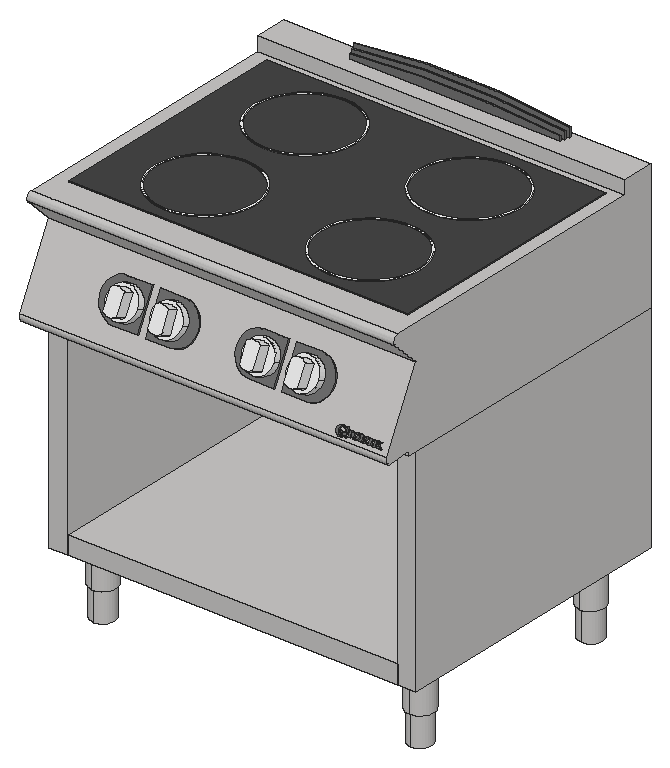
Revit family "QF_GIORIK_CI740G", category Specialty Equipment, Revit 2014
Parameters (values of type "CI740G")
  Weight in Pounds = 220.462
  Watts = 14000 W
  Volts = 400 V
  URL Cutsheet = "www.giorik.com"
  URL = "www.giorik.com"
  Status [instance] = ""
  Specification by User [instance] = ""
  Specification by Manufacturer = ""
  Show Logo [instance] = yes
  Show Clearance [instance] = yes
  Serial Number = ""
  Seismic Rating = ""
  SMACNA No = ""
  Revision Code [instance] = ""
  Phase = 3
  Number of Poles [instance] = 3
  NAFEM Spec ID Number = ""
  Model = "CI740G"
  Min Ckt Ampacity = 0 A
  Max Overcurrent Protection = 0 A
  Masterspec = ""
  Manufacturer = "GIORIK"
  Item Number [instance] = ""
  Installed By [instance] = ""
  Identify Quantity as Lot [instance] = no
  HP = "18.774280000000"
  Furnished By [instance] = ""
  Foodservice Equipment Identifier [instance] = yes
  FL Amps = 0 A
  Electrical Remarks [instance] = ""
  Electric Connection Type [instance] = ""
  Elec Conn RI Height [instance] = 0 mm
  Elec Conn Connection Height [instance] = 150 mm
  Description = "4 ZONE INDUCTION HOB ON OPEN BASE UNIT"
  Cycle = 50 Hz
  Conn Plug = ""
  CSI MasterFormat = ""
  Assembly Code = "E1090320"
  Apparent Power = 14000 VA
Reference planes
  plane 1 "Back": y = 0
  plane 2: z = 0
  plane 3 "Left": x = 0
  plane 4 "Right": x = 800
  plane 5 "Front": y = -720
  plane 6 "Top": z = 900
Forms (mm)
  Extrusion 1, solid, visible <- "Show Logo"
    sketch origin (591.604, -736.761, 609.486) x (-1, 0, 0) y (0, 0.452718, 0.891654)
      loop
        line (-118.824, 58.358) -> (-127.804, 58.358) -> (-125.523, 56.445) -> (-125.523, 48.027) -> (-127.804, 46.113) -> (-118.824, 46.113) -> (-121.105, 48.027) -> (-121.105, 56.445) -> (-118.824, 58.358)
      loop
        line (-163.721, 58.358) -> (-172.7, 58.358) -> (-170.42, 56.445) -> (-170.42, 48.027) -> (-172.7, 46.113) -> (-163.721, 46.113) -> (-166.001, 48.027) -> (-166.001, 56.445) -> (-163.721, 58.358)
      loop
        line (-174.332, 58.358) -> (-183.312, 58.358) -> (-181.031, 56.445) -> (-181.031, 52.435) -> (-186.419, 56.955) -> (-184.416, 58.358) -> (-191.268, 58.358) -> (-188.01, 56.839) -> (-185.455, 54.283) -> (-190.846, 47.858) -> (-193.396, 46.93) -> (-193.396, 46.113) -> (-184.416, 46.113) -> (-185.437, 47.571) -> (-182.443, 51.552) -> (-181.031, 50.894) -> (-181.031, 48.027) -> (-183.312, 46.113) -> (-174.332, 46.113) -> (-176.613, 48.027) -> (-176.613, 56.445) -> (-174.332, 58.358)
      loop
        line (-115.429, 62.063) -> (-115.429, 54.198)
        arc (-115.429, 54.198) -> (-111.618, 57.803) -> (-106.847, 59.986) r 16.039
        arc (-106.847, 59.986) -> (-103.314, 59.837) -> (-100.512, 57.68) r 5.851
        arc (-100.512, 57.68) -> (-98.815, 52.267) -> (-100.512, 46.853) r 9.479
        arc (-100.512, 46.853) -> (-102.406, 44.986) -> (-104.846, 43.93) r 7.236
        arc (-104.846, 43.93) -> (-107.728, 44.111) -> (-110.052, 45.825) r 5.11
        line (-110.052, 45.825) -> (-110.052, 52.001) -> (-116.141, 52.001) -> (-116.141, 45.503) -> (-117.893, 43.751) -> (-114.094, 44.769)
        arc (-114.094, 44.769) -> (-112.56, 44.947) -> (-111.129, 44.366) r 3.115
        arc (-111.129, 44.366) -> (-104.216, 42.091) -> (-97.303, 44.366) r 11.641
        arc (-97.303, 44.366) -> (-93.396, 52.107) -> (-97.303, 59.849) r 9.622
        arc (-97.303, 59.849) -> (-104.369, 62.174) -> (-111.435, 59.849) r 11.898
        line (-111.435, 59.849) -> (-115.429, 62.063)
      loop
        arc (-129.234, 56.068) -> (-135.893, 58.628) -> (-142.552, 56.068) r 9.941
        arc (-142.552, 56.068) -> (-144.234, 52.286) -> (-142.552, 48.505) r 5.093
        arc (-142.552, 48.505) -> (-135.893, 45.945) -> (-129.234, 48.505) r 9.941
        arc (-129.234, 48.505) -> (-127.552, 52.286) -> (-129.234, 56.068) r 5.093
      loop
        arc (-132.628, 54.403) -> (-135.893, 57.668) -> (-139.158, 54.403) r 3.265
        line (-139.158, 54.403) -> (-139.158, 50.169)
        arc (-139.158, 50.169) -> (-135.893, 46.904) -> (-132.628, 50.169) r 3.265
        line (-132.628, 50.169) -> (-132.628, 54.403)
      loop
        arc (-156.363, 58.365) -> (-159.647, 55.081) -> (-156.363, 51.796) r 3.285
        line (-156.363, 51.796) -> (-159.529, 47.306) -> (-162.087, 46.113) -> (-155.847, 46.113) -> (-153.529, 51.083) -> (-150.637, 51.083) -> (-150.637, 47.784) -> (-153.022, 46.113) -> (-144.011, 46.113) -> (-146.094, 47.68) -> (-146.094, 56.493) -> (-144.229, 58.365) -> (-156.363, 58.365)
      loop
        line (-150.637, 57.512) -> (-153.637, 57.512)
        arc (-153.637, 57.512) -> (-156.237, 54.912) -> (-153.637, 52.312) r 2.6
        line (-153.637, 52.312) -> (-150.637, 52.312) -> (-150.637, 57.512)
      loop
        line (-108.924, 52.001) -> (-104.936, 49.005) -> (-100.948, 52.001) -> (-108.924, 52.001)
    from 1.5 to -0.5
  Extrusion 2, solid
    sketch origin (-16, 1025.81, 0) x (1, 0, 0) y (0, 1, 0)
      loop
        line (25, -1086.81) -> (25, -1156.81) -> (115, -1156.81) -> (115, -1086.81) -> (25, -1086.81)
    from 148 to 150
  Extrusion 3, solid
    sketch origin (-4, 0, 130) x (1, 0, 0) y (0, 1, 0)
      loop
        circle (54, -385) r 12.5
    from 0 to 20
  Extrusion 4, solid
    sketch origin (0, 1000, -20) x (0, 1, 0) y (0, 0, 1)
      loop
        line (-1000, 919.988) -> (-1070, 919.988) -> (-1070, 889.988) -> (-1688.806, 889.988)
        arc (-1688.806, 889.988) -> (-1699.151, 883.075) -> (-1696.724, 870.873) r 11.197
        line (-1696.724, 870.873) -> (-1640.876, 815.025) -> (-1718.948, 661.258)
        arc (-1718.948, 661.258) -> (-1718.233, 650.105) -> (-1708.118, 645.354) r 10.981
        line (-1708.118, 645.354) -> (-1660, 649.925) -> (-1660, 640) -> (-1000, 640) -> (-1000, 919.988)
    from 0 to 800
  Extrusion 5, solid
    sketch origin (0, 0, 599.536) x (1, 0, 0) y (0, 1, 0)
      loop
        line (0, -640) -> (40, -640) -> (40, -40) -> (760, -40) -> (760, -640) -> (800, -640) -> (800, 0) -> (0, 0) -> (0, -640)
    from -449.536 to 20.464
  Extrusion 6, solid
    sketch origin (0, 0, 0) x (1, 0, 0) y (0, 1, 0)
      loop
        line (40, -40) -> (40, -640) -> (760, -640) -> (760, -40) -> (40, -40)
    from 150 to 190
  Extrusion 7, solid
    sketch origin (-16, 560.81, 0) x (1, 0, 0) y (0, 1, 0)
      loop
        line (25, -1086.81) -> (25, -1156.81) -> (115, -1156.81) -> (115, -1086.81) -> (25, -1086.81)
    from 148 to 150
  Revolve 8, solid
    sketch origin (54, 560.81, 0) x (0, 1, 0) y (0, 0, 1)
      loop
        line (-1092.56, 66) -> (-1092.56, 148) -> (-1121.81, 148) -> (-1121.81, 0) -> (-1096.81, 0) -> (-1096.81, 66) -> (-1092.56, 66)
      axis (-1121.81, 0) -> (-1121.81, 148)
    angle from 0 to 360
  Revolve 9, solid
    sketch origin (54, 1025.81, 0) x (0, 1, 0) y (0, 0, 1)
      loop
        line (-1092.56, 66) -> (-1092.56, 148) -> (-1121.81, 148) -> (-1121.81, 0) -> (-1096.81, 0) -> (-1096.81, 66) -> (-1092.56, 66)
      axis (-1121.81, 0) -> (-1121.81, 148)
    angle from 0 to 360
  Extrusion 10, solid
    sketch origin (816, 560.81, 0) x (-1, 0, 0) y (0, -1, 0)
      loop
        line (25, 1086.81) -> (115, 1086.81) -> (115, 1156.81) -> (25, 1156.81) -> (25, 1086.81)
    from 148 to 150
  Revolve 11, solid
    sketch origin (746, 560.81, 0) x (0, 1, 0) y (0, 0, -1)
      loop
        line (-1092.56, -66) -> (-1096.81, -66) -> (-1096.81, 0) -> (-1121.81, 0) -> (-1121.81, -148) -> (-1092.56, -148) -> (-1092.56, -66)
      axis (-1121.81, 0) -> (-1121.81, -148)
    angle from 0 to 360
  Extrusion 12, solid
    sketch origin (816, -1217.81, 0) x (-1, 0, 0) y (0, -1, 0)
      loop
        line (25, -1086.81) -> (25, -1156.81) -> (115, -1156.81) -> (115, -1086.81) -> (25, -1086.81)
    from 148 to 150
  Revolve 13, solid
    sketch origin (746, -1217.81, 0) x (0, -1, 0) y (0, 0, 1)
      loop
        line (-1092.56, 66) -> (-1092.56, 148) -> (-1121.81, 148) -> (-1121.81, 0) -> (-1096.81, 0) -> (-1096.81, 66) -> (-1092.56, 66)
      axis (-1121.81, 0) -> (-1121.81, 148)
    angle from 0 to 360
  Extrusion 14, solid
    sketch origin (-220.755, -963.345, 52.363) x (1, 0, 0) y (0, 0.452718, 0.891654)
      loop
        line (463.221, 676.25) -> (463.221, 766.25) -> (409.698, 766.25)
        arc (409.698, 766.25) -> (364.698, 721.25) -> (409.698, 676.25) r 45
        line (409.698, 676.25) -> (463.221, 676.25)
    from 48 to 50
  Extrusion 15, solid
    sketch origin (553.797, -1008.697, 74.959) x (-1, 0, 0) y (0, -0.45351, -0.891251)
      loop
        circle (351.331, -721.346) r 35
    from 0 to 15
  Extrusion 16, solid
    sketch origin (553.797, -1008.697, 74.959) x (-1, 0, 0) y (0, -0.45351, -0.891251)
      loop
        arc (336.331, -743.846) -> (351.331, -748.846) -> (366.331, -743.846) r 25
        line (366.331, -743.846) -> (366.331, -698.846)
        arc (366.331, -698.846) -> (351.331, -693.846) -> (336.331, -698.846) r 25
        line (336.331, -698.846) -> (336.331, -743.846)
    from 15 to 40
  Extrusion 17, solid
    sketch origin (723.221, -963.345, 52.363) x (-1, 0, 0) y (0, -0.452718, -0.891654)
      loop
        line (463.221, -676.25) -> (409.698, -676.25)
        arc (409.698, -676.25) -> (364.698, -721.25) -> (409.698, -766.25) r 45
        line (409.698, -766.25) -> (463.221, -766.25) -> (463.221, -676.25)
    from 48 to 50
  Extrusion 18, solid
    sketch origin (-51.331, -1008.697, 74.959) x (1, 0, 0) y (0, 0.45351, 0.891251)
      loop
        circle (351.331, 721.346) r 35
    from 0 to 15
  Extrusion 19, solid
    sketch origin (-51.331, -1008.697, 74.959) x (1, 0, 0) y (0, 0.45351, 0.891251)
      loop
        line (336.331, 743.846) -> (336.331, 698.846)
        arc (336.331, 698.846) -> (351.331, 693.846) -> (366.331, 698.846) r 25
        line (366.331, 698.846) -> (366.331, 743.846)
        arc (366.331, 743.846) -> (351.331, 748.846) -> (336.331, 743.846) r 25
    from 15 to 40
  Extrusion 20, solid
    sketch origin (76.779, -963.345, 52.363) x (1, 0, 0) y (0, 0.452718, 0.891654)
      loop
        line (463.221, 676.25) -> (463.221, 766.25) -> (409.698, 766.25)
        arc (409.698, 766.25) -> (364.698, 721.25) -> (409.698, 676.25) r 45
        line (409.698, 676.25) -> (463.221, 676.25)
    from 48 to 50
  Extrusion 21, solid
    sketch origin (851.331, -1008.697, 74.959) x (-1, 0, 0) y (0, -0.45351, -0.891251)
      loop
        circle (351.331, -721.346) r 35
    from 0 to 15
  Extrusion 22, solid
    sketch origin (851.331, -1008.697, 74.959) x (-1, 0, 0) y (0, -0.45351, -0.891251)
      loop
        arc (336.331, -743.846) -> (351.331, -748.846) -> (366.331, -743.846) r 25
        line (366.331, -743.846) -> (366.331, -698.846)
        arc (366.331, -698.846) -> (351.331, -693.846) -> (336.331, -698.846) r 25
        line (336.331, -698.846) -> (336.331, -743.846)
    from 15 to 40
  Extrusion 23, solid
    sketch origin (1020.755, -963.345, 52.363) x (-1, 0, 0) y (0, -0.452718, -0.891654)
      loop
        line (463.221, -676.25) -> (409.698, -676.25)
        arc (409.698, -676.25) -> (364.698, -721.25) -> (409.698, -766.25) r 45
        line (409.698, -766.25) -> (463.221, -766.25) -> (463.221, -676.25)
    from 48 to 50
  Extrusion 24, solid
    sketch origin (246.203, -1008.697, 74.959) x (1, 0, 0) y (0, 0.45351, 0.891251)
      loop
        circle (351.331, 721.346) r 35
    from 0 to 15
  Extrusion 25, solid
    sketch origin (246.203, -1008.697, 74.959) x (1, 0, 0) y (0, 0.45351, 0.891251)
      loop
        line (336.331, 743.846) -> (336.331, 698.846)
        arc (336.331, 698.846) -> (351.331, 693.846) -> (366.331, 698.846) r 25
        line (366.331, 698.846) -> (366.331, 743.846)
        arc (366.331, 743.846) -> (351.331, 748.846) -> (336.331, 743.846) r 25
    from 15 to 40
  Extrusion 26, solid
    sketch origin (36.031, 0, -10.001) x (1, 0, 0) y (0, 0, 1)
      loop
        line (135, 909.989) -> (592.969, 909.989) -> (592.969, 919.989) -> (440.969, 929.989) -> (287, 929.989) -> (135, 919.989) -> (135, 909.989)
    from 32 to 35
  Extrusion 27, solid
    sketch origin (38, 10, -10.001) x (1, 0, 0) y (0, 0, 1)
      loop
        line (594, 909.989) -> (594, 924.989) -> (440, 937.489) -> (284, 937.489) -> (130, 925.001) -> (130, 909.989) -> (594, 909.989)
    from 32 to 35
  Extrusion 28, solid
    sketch origin (40, 20, -10.001) x (1, 0, 0) y (0, 0, 1)
      loop
        line (595, 909.989) -> (595, 930.001) -> (439, 945.258) -> (281, 945.258) -> (125, 929.989) -> (125, 909.989) -> (595, 909.989)
    from 32 to 35
  Extrusion 29, solid
    sketch origin (0.216, 0.239, 821) x (0, 1, 0) y (-1, 0, 0)
      loop
        line (-625, -30) -> (-625, -769.568) -> (-85, -769.568) -> (-85, -30) -> (-625, -30)
    from 48 to 50
  Extrusion 30, solid
    sketch origin (30.216, -722.261, 848.488) x (0, -1, 0) y (1, 0, 0)
      loop
        circle (-231.5, 189.999) r 110
      loop
        circle (-231.5, 189.999) r 106.5
    from 23 to 20.512
  Extrusion 31, solid
    sketch origin (30.216, -450.261, 848.488) x (0, -1, 0) y (1, 0, 0)
      loop
        circle (-231.5, 189.999) r 110
      loop
        circle (-231.5, 189.999) r 106.5
    from 23 to 20.512
  Extrusion 32, solid
    sketch origin (769.784, -722.261, 848.488) x (0, -1, 0) y (1, 0, 0)
      loop
        circle (-231.5, -189.999) r 110
      loop
        circle (-231.5, -189.999) r 106.5
    from 23 to 20.512
  Extrusion 33, solid
    sketch origin (769.784, -450.261, 848.488) x (0, -1, 0) y (1, 0, 0)
      loop
        circle (-231.5, -189.999) r 110
      loop
        circle (-231.5, -189.999) r 106.5
    from 23 to 20.512
Lines and regions (mm)
  symbolic lines, style "200-EquipBorder-2D"
    curve 1: line (0, -720, 0) -> (800, -720, 0)
    curve 2: line (800, -720, 0) -> (800, 0, 0)
    curve 3: line (800, 0, 0) -> (0, 0, 0)
    curve 4: line (0, 0, 0) -> (0, -720, 0)
  symbolic lines, style "200-EquipInternal-2D"
    curve 5: line (0, -70, 900) -> (800, -70, 900)
    curve 6: line (165, -12, 900) -> (635, -12, 900)
    curve 7: line (635, -12, 900) -> (635, -15, 900)
    curve 8: line (635, -15, 900) -> (165, -15, 900)
    curve 9: line (165, -15, 900) -> (165, -12, 900)
    curve 10: line (168, -22, 900) -> (632, -22, 900)
    curve 11: line (632, -22, 900) -> (632, -25, 900)
    curve 12: line (632, -25, 900) -> (168, -25, 900)
    curve 13: line (168, -25, 900) -> (168, -22, 900)
    curve 14: line (171.031, -32, 900) -> (629, -32, 900)
    curve 15: line (629, -32, 900) -> (629, -35, 900)
    curve 16: line (629, -35, 900) -> (171.031, -35, 900)
    curve 17: line (171.031, -35, 900) -> (171.031, -32, 900)
    curve 18: line (769.784, -84.761, 900) -> (30.216, -84.761, 900)
    curve 19: line (30.216, -84.761, 900) -> (30.216, -624.761, 900)
    curve 20: line (30.216, -624.761, 900) -> (769.784, -624.761, 900)
    curve 21: circle (220.215, -218.761, 900) r 110 normal (0, 0, 1)
    curve 22: circle (220.215, -218.761, 900) r 106.5 normal (0, 0, 1)
    curve 23: circle (220.215, -490.761, 900) r 110 normal (0, 0, 1)
    curve 24: circle (220.215, -490.761, 900) r 106.5 normal (0, 0, 1)
    curve 25: line (769.784, -84.761, 900) -> (769.784, -624.761, 900)
    curve 26: circle (579.785, -218.761, 900) r 110 normal (0, 0, -1)
    curve 27: circle (579.785, -218.761, 900) r 106.5 normal (0, 0, -1)
    curve 28: circle (579.785, -490.761, 900) r 110 normal (0, 0, -1)
    curve 29: circle (579.785, -490.761, 900) r 106.5 normal (0, 0, -1)
Dimensions and locks
  plane 3 "Left" to plane 4 "Right" = 800 mm
  plane 5 "Front" to plane 1 "Back" = 720 mm
  plane 4 "Right" to plane 3 "Left" = 800 mm
  plane 1 "Back" to plane 5 "Front" = 720 mm
  plane 6 "Top" to level = 900 mm  (x2)
  aligned and locked: level to plane 2
Connectors
  electrical at (50, -385, 130), driven by "Apparent Power", driven by "Volts", driven by "Number of Poles"
    settings: on Extrusion 3, index 1, voltage 400 V, apparent load 0 VA, apparent load phase1 14000 VA, apparent load phase2 0 VA, apparent load phase3 0 VA, power factor 1, load classification "Other", number of poles 3, system type 31, power factor state 1, is connector primary yes, connector utility no, sub classification motor no, connector description "Electrical connection"
